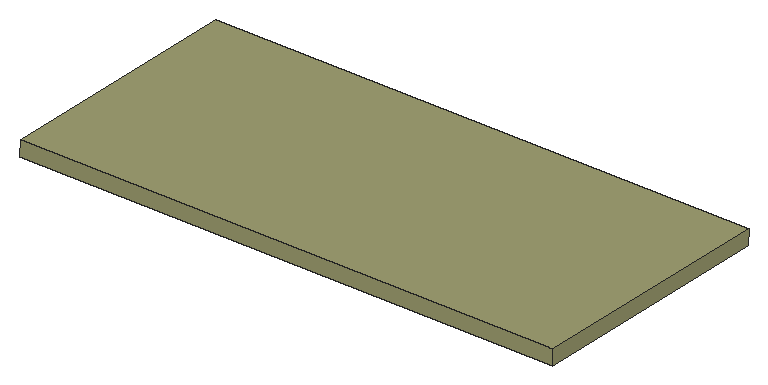
Revit family "Ecowool Brownie Blanket (48kgm3)", category Generic Models, host Face, Revit 2020
Family settings
  Host = Face
  Can host rebar = No
  Round Connector Dimension = Use Diameter
  Part Type = Normal
  Cut with Voids When Loaded = No
  Shared = No
  Room Calculation Point = No
Parameters (values of type "EWBL 1.60 (50mm)")
  Width [instance] = 800 mm
  URL = "www.ecowool.com.my"
  Type of Insulation = "Glass Mineral Wool Blanket"
  Thermal R value = 1.6
  Thermal K value = 0.0309
  Remarks = ""
  Material Specification = ""
  Manufacturer = "PGF Insulation Sdn. Bhd."
  Insulation Thickness = 50 mm
  Length(mm) [instance] = 1740 mm
  Finish = Brownie Blanket
  ECOWOOL Product thickness in mm = ""
  Description = "ECOWOOL Brownie blanket and slabs are resilient, non-combustible, glass mineral wool products, supplied at roofing and walling application for residential and commercial building"
  Density = 48.00 kg/m³
  Default Elevation = 1219.2 mm
Reference planes
  plane 1 "Center (Front/Back)": y = 0
  plane 2: z = 0
  plane 3 "Center (Left/Right)": x = 0
  plane 4: x = 1740
  plane 5: y = -400
  plane 6: y = 400
Forms (mm)
  Sweep 1, solid, material "Brownie Blanket" <- "Finish"
    path origin (0, 0, 0) x (1, 0, 0) y (0, 1, 0)
      loop
        line (0, 0) -> (1740, 0)
    profile origin (870, 0, 0) x (0, 1, 0) y (0, 0, 1)
      loop
        line (-400, 50) -> (-400, 0) -> (400, 0) -> (400, 50) -> (-400, 50)
Lines and regions (mm)
  reference lines
    curve 1: line (0, 0, 0) -> (1740, 0, 0)
Dimensions and locks
  "Width": plane 5 to plane 6
  equal spacing: plane 5, plane 1 "Center (Front/Back)", plane 6
  "Length(mm)": plane 3 "Center (Left/Right)" to plane 4
  "Insulation Thickness": host face to Sweep 1 sketch curve
  aligned and locked: plane 2 to host face
  aligned and locked: level to host face
  aligned and locked: plane 3 "Center (Left/Right)" to curve 1
  aligned and locked: plane 4 to curve 1
  aligned and locked: plane 3 "Center (Left/Right)" to Sweep 1 sketch curve
  aligned and locked: plane 4 to Sweep 1 sketch curve
  aligned and locked: level to Sweep 1 sketch curve
  aligned and locked: plane 6 to Sweep 1 sketch curve
  aligned and locked: Sweep 1 sketch curve to plane 5
Automatic sketch dimensions
  host sketch curve to host sketch curve = 1616.306 mm
  host sketch curve to host sketch curve = 2438.4 mm
  plane 1 "Center (Front/Back)" to curve 1 = 0 mm
  plane 1 "Center (Front/Back)" to Sweep 1 sketch curve = 0 mm
